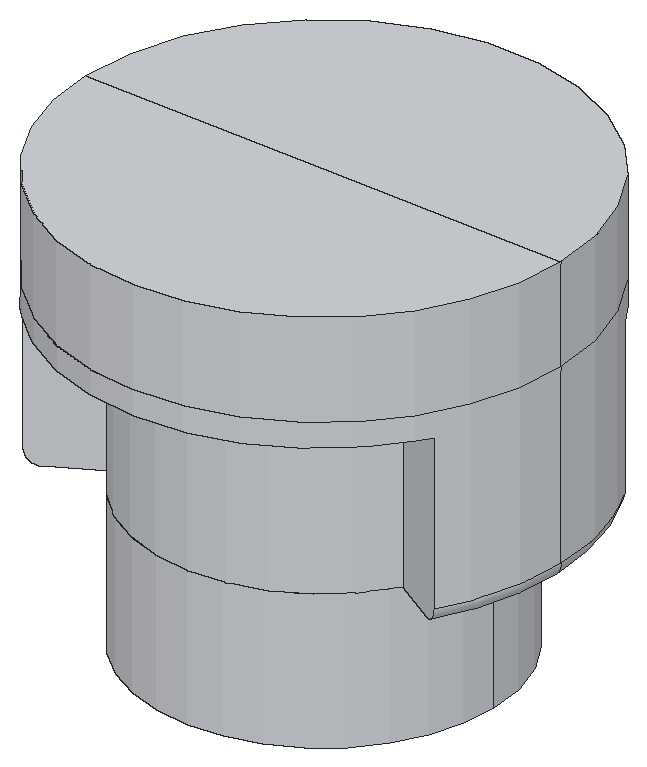
Revit family
Parameters
  URL = "www.SiouxChief.com"
  Type Comments = ""
  Model = "250-11"
  Manufacturer = "Sioux Chief Manufacturing"
  Description = "1 1/2\" TurboVent Body"
Reference planes (in)
  plane 1 "Center (Front/Back)": y = 0
  plane 2: z = 0
  plane 3 "Center (Left/Right)": x = 0
  plane 4: z = 0.7565
  plane 5: z = 1.6784
Forms (in)
  Revolve 1, solid
    sketch origin (0, 0, 0) x (1, 0, 0) y (0, 0, 1)
      loop
        line (0, 0) -> (0.93075, 0) -> (0.93075, 0.7565) -> (1.21535, 0.7565)
        arc (1.21535, 0.7565) -> (1.27521, 0.78129) -> (1.3, 0.84115) r 0.08465
        line (1.3, 0.84115) -> (1.3, 1.8034) -> (0, 1.8034) -> (0, 0)
      axis (0, 1.8034) -> (0, 0)
    angle from 0 to 360
  Extrusion 2, void
    sketch origin (0.93075, -180, 0.7565) x (0, -1, 0) y (-1, 0, 0)
      loop
        line (-179.53502, 0.12538) -> (-179.35, -0.19508)
        arc (-179.35, -0.19508) -> (-178.7, 0.93075) -> (-179.35, 2.05658) r 1.3
        line (-179.35, 2.05658) -> (-179.53502, 1.73612)
        arc (-179.53502, 1.73612) -> (-179.07004, 0.93075) -> (-179.53502, 0.12538) r 0.92996
    from 0 to -0.9219
  Extrusion 3, void
    sketch origin (0.93075, 180, 0.7565) x (0, -1, 0) y (-1, 0, 0)
      loop
        arc (179.53502, 0.12538) -> (179.07004, 0.93075) -> (179.53502, 1.73612) r 0.92996
        line (179.53502, 1.73612) -> (179.35, 2.05658)
        arc (179.35, 2.05658) -> (178.7, 0.93075) -> (179.35, -0.19508) r 1.3
        line (179.35, -0.19508) -> (179.53502, 0.12538)
    from 0 to -0.9219
  Extrusion 4, void
    sketch origin (0.93075, -180, 0.7565) x (0, -1, 0) y (-1, 0, 0)
      loop
        line (-180.0755, 1.00322) -> (-180.0755, 0.84882) -> (-179.9245, 0.84882) -> (-179.9245, 1.00322) -> (-180.0755, 1.00322)
    from 0 to 0.7565
  Revolve 5, solid
    sketch origin (0, 0, 0) x (1, 0, 0) y (0, 0, 1)
      loop
        line (-1.3, 1.8034) -> (0, 1.8034) -> (0, 2.3182) -> (-1.3, 2.3182) -> (-1.3, 1.8034)
      axis (0, 2.3182) -> (0, 1.8034)
    angle from 0 to 360
Cuts and joins
  Extrusion 2, Extrusion 3, Extrusion 4 cuts Revolve 1
Lines and regions (in)
  model lines
    curve 1: line (0.88555, 0, 2.3182) -> (1.24582, 0, 2.3182)
    curve 2: arc (1.24582, 0, 2.3182) -> (0.98666, -0.36322, 2.3182) -> (0.62618, -0.62618, 2.3182) r 1.39666
    curve 3: line (0.62618, -0.62618, 2.3182) -> (0.88093, -0.88093, 2.3182)
    curve 4: arc (0.88093, -0.88093, 2.3182) -> (0.44084, -0.95451, 2.3182) -> (0, -0.88555, 2.3182) r 1.39666
    curve 5: line (0, -0.88555, 2.3182) -> (0, -1.24582, 2.3182)
    curve 6: arc (0, -1.24582, 2.3182) -> (-0.36322, -0.98666, 2.3182) -> (-0.62618, -0.62618, 2.3182) r 1.39666
    curve 7: line (-0.62618, -0.62618, 2.3182) -> (-0.88093, -0.88093, 2.3182)
    curve 8: arc (-0.88093, -0.88093, 2.3182) -> (-0.95451, -0.44084, 2.3182) -> (-0.88555, 0, 2.3182) r 1.39666
    curve 9: line (-0.88555, 0, 2.3182) -> (-1.24582, 0, 2.3182)
    curve 10: arc (-1.24582, 0, 2.3182) -> (-0.98044, 0.36947, 2.3182) -> (-0.6104, 0.63407, 2.3182) r 1.39666
    curve 11: line (-0.62618, 0.62618, 2.3182) -> (-0.88093, 0.88093, 2.3182)
    curve 12: arc (-0.88093, 0.88093, 2.3182) -> (-0.43202, 0.95453, 2.3182) -> (0.01674, 0.87997, 2.3182) r 1.39666
    curve 13: line (0, 0.88555, 2.3182) -> (0, 1.24582, 2.3182)
    curve 14: arc (0, 1.24582, 2.3182) -> (0.36322, 0.98666, 2.3182) -> (0.62618, 0.62618, 2.3182) r 1.39666
    curve 15: line (0.62618, 0.62618, 2.3182) -> (0.88093, 0.88093, 2.3182)
    curve 16: arc (0.88093, 0.88093, 2.3182) -> (0.95451, 0.44084, 2.3182) -> (0.88555, 0, 2.3182) r 1.39666
Dimensions and locks (in)
  aligned and locked: plane 2 to level
  aligned and locked: Extrusion 2 to plane 5
  aligned and locked: Extrusion 2 to cut or joined group of Revolve 1, Extrusion 2, Extrusion 3, Extrusion 4
  aligned and locked: Revolve 1 to Extrusion 4
  aligned and locked: Extrusion 4 to level
Connectors (in)
  piping at (0.00315, -0.02517, 0)
    settings: on cut or joined group of Revolve 1, Extrusion 2, Extrusion 3, Extrusion 4, index 1, connector radius 3/4", flow factor 0, pipe flow 0 GPM, pressure drop 0.00 psi, fitting loss kfactor 0, connector angle 0.00°, fixture units 0, flow configuration 0, flow direction 1, fitting loss method 0, system type 22, connector reference index -1, connector utility 0, adjustable connector no, is connector primary yes, fitting loss table "", connector description "1 1/2\" PVC"
